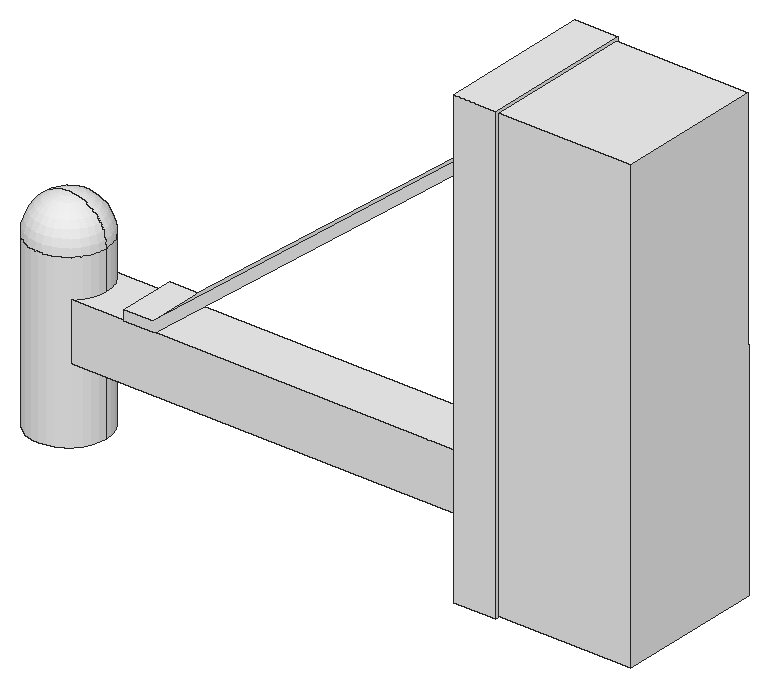
Revit family "WM317", category Generic Models, Revit 2017
Family settings
  Can host rebar = No
  Round Connector Dimension = Use Diameter
  Part Type = Normal
  Work Plane-Based = No
  Always vertical = Yes
  Cut with Voids When Loaded = No
  Shared = No
  Room Calculation Point = No
Parameters
  WM317 = Aluminum
Reference planes (in)
  plane 1 "Center (Front/Back)": y = 0
  plane 2: z = 0
  plane 3 "Center (Left/Right)": x = 0
Forms (in)
  Revolve 1, solid, material "Aluminum" <- "WM317"
    sketch origin (0, 0, 0) x (1, 0, 0) y (0, 0, 1)
      loop
        arc (43.55559, 12.91804) -> (42.84848, 12.62514) -> (42.55559, 11.91804) r 1
        line (42.55559, 11.91804) -> (42.55559, 7.41804) -> (42.68059, 7.41804) -> (42.68059, 11.91804)
        arc (42.68059, 11.91804) -> (42.93687, 12.53676) -> (43.55559, 12.79304) r 0.875
        line (43.55559, 12.79304) -> (43.55559, 12.91804)
      axis (43.55559, 12.91804) -> (43.55559, 7.41804)
    angle from 0 to 360
  Extrusion 2, solid, material "Aluminum" <- "WM317"
    sketch origin (0, 0, 0) x (1, 0, 0) y (0, 0, 1)
      loop
        line (46.36067, 11.16804) -> (45.61067, 11.16804) -> (45.61067, 10.91804) -> (46.36067, 10.91804)
        arc (46.36067, 10.91804) -> (46.45634, 10.93707) -> (46.53745, 10.99126) r 0.25
        line (46.53745, 10.99126) -> (55.23237, 18.15547)
        arc (55.23237, 18.15547) -> (55.28656, 18.23658) -> (55.30559, 18.33225) r 0.25
        line (55.30559, 18.33225) -> (55.30559, 19.08225) -> (55.05559, 19.08225) -> (55.05559, 18.33225) -> (46.36067, 11.16804)
    from -0.75 to 0.75
  Extrusion 3, solid, material "Aluminum" <- "WM317"
    sketch origin (46.25405, -52.25405, 0) x (0, 1, 0) y (0, 0, 1)
      loop
        line (53.00405, 10.91804) -> (51.50405, 10.91804) -> (51.50405, 9.41804) -> (53.00405, 9.41804) -> (53.00405, 10.91804)
      loop
        line (52.87905, 10.79304) -> (51.62905, 10.79304) -> (51.62905, 9.54304) -> (52.87905, 9.54304) -> (52.87905, 10.79304)
    from -2.06196 to 9.05154
  Extrusion 4, solid, material "Aluminum" <- "WM317"
    sketch origin (0, 0, 0) x (1, 0, 0) y (0, 0, 1)
      loop
        line (56.43059, 20.20725) -> (55.30559, 20.20725) -> (55.30559, 8.20725) -> (56.43059, 8.20725) -> (56.43059, 20.20725)
    from -2 to 2
  Extrusion 5, solid, material "Aluminum" <- "WM317"
    sketch origin (0, 0, 0) x (1, 0, 0) y (0, 0, 1)
      loop
        line (59.93059, 20.14475) -> (56.43059, 20.14475) -> (56.43059, 8.26975) -> (59.93059, 8.26975) -> (59.93059, 20.14475)
    from -1.9375 to 1.9375
Dimensions and locks (in)
  aligned and locked: plane 2 to level
